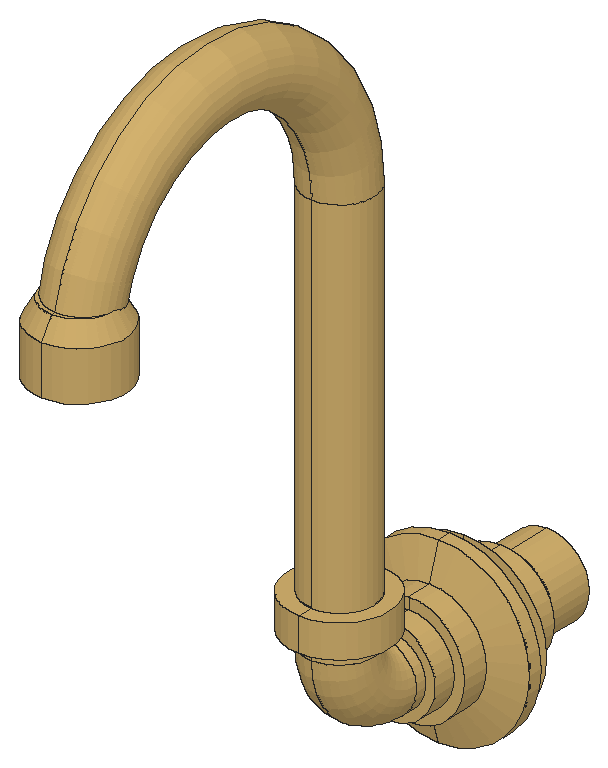
Revit family "QF_FISHER_2038", category Specialty Equipment, Revit 2015
Parameters
  Weight in Pounds = 3
  URL Cutsheet = ""
  Specification by User = ""
  Specification by Manufacturer = ""
  Serial Number = ""
  Seismic Rating = ""
  SMACNA No = ""
  Revision Code = ""
  Plumbing Remarks = ""
  Plumbing Connection Type = ""
  NAFEM Spec ID Number = ""
  Model = "2038"
  Masterspec = ""
  Manufacturer = "FISHER"
  Length = 12"
  Item Number = ""
  Installed By = ""
  Identify Quantity as Lot = yes
  Hot Water Temperature = 140 °F
  Hot Water Size = 1/2"
  Hot Water RI Height = 0"
  Hot Water Minimum Pressure = 0.00 psi
  Hot Water Maximum Pressure = 200.00 psi
  Hot Water Flow = 2.2 GPM
  Hot Water Consumption = 0 GPM
  Hot Water Connection Height = 0"
  Height = 7 1/8"
  Furnished By = ""
  Foodservice Equipment Identifier = yes
  Fixture Finish [instance] = QF_Metal - Brass - Polished
  Description = "FAUCET BBS 06SGN"
  Depth = 1 7/8"
  Cold Water Temperature Recommended = 40 °F
  Cold Water Size = 1/2"
  Cold Water RI Height = 0"
  Cold Water Minimum Pressure = 0.00 psi
  Cold Water Maximum Pressure = 200.00 psi
  Cold Water Flow = 2.2 GPM
  Cold Water Consumption = ""
  Cold Water Connection Height = 0"
  CSI MasterFormat = ""
Reference planes
  plane 1 "BACK": y = 0
  plane 2: z = 0
  plane 3 "LEFT": x = 0
  plane 4 "RIGHT": x = 304.8
  plane 5 "FRONT": y = -47.625
  plane 6 "TOP": z = 180.975
  plane 7 "Center Y": x = 152.4
  plane 8 "Center X": y = -23.812
  plane 9: x = 28.575
  plane 10: x = 276.225
  plane 11: z = 119.062
  plane 12: x = 241.3
  plane 13: y = -112.712
Forms (mm)
  Sweep 1, solid, material "QF_Metal - Brass - Polished" <- "Fixture Finish"
    path origin (152.4, 128.587, -4.807) x (0, -1, 0) y (0, 0, 1)
      loop
        line (152.4, 22.86) -> (152.4, 131.871)
        arc (152.4, 131.871) -> (192.885, 176.144) -> (240.593, 139.77) r 44.45
    profile origin (152.4, -23.812, 72.559) x (0, 1, 0) y (-1, 0, 0)
      loop
        circle (0, 0) r 9.525
  Revolve 2, solid, material "QF_Metal - Brass - Polished" <- "Fixture Finish"
    sketch origin (152.4, 179.388, -28.575) x (0, -1, 0) y (0, 0, 1)
      loop
        line (292.1, 166.687) -> (282.575, 166.687) -> (279.4, 161.188) -> (279.4, 147.637) -> (292.1, 147.637) -> (292.1, 166.687)
      axis (292.1, 166.687) -> (292.1, 147.637)
    angle from 0 to 360
  Revolve 3, solid, material "QF_Metal - Brass - Polished" <- "Fixture Finish"
    sketch origin (152.4, 175.397, 1219.2) x (0, 1, 0) y (0, 0, 1)
      loop
        line (-181.747, -1219.2) -> (-128.313, -1219.2) -> (-128.313, -1207.784) -> (-141.013, -1207.784) -> (-141.013, -1208.862) -> (-144.002, -1208.862) -> (-144.002, -1204.86) -> (-150.352, -1204.86) -> (-150.352, -1208.862) -> (-153.295, -1208.862) -> (-153.295, -1203.885) -> (-156.562, -1196.881) -> (-156.562, -1208.862) -> (-161.447, -1208.862) -> (-161.447, -1194.334) -> (-165.158, -1194.334) -> (-168.249, -1203.848) -> (-175.397, -1203.848) -> (-175.397, -1207.003) -> (-181.747, -1207.003) -> (-181.747, -1219.2)
      axis (-181.747, -1219.2) -> (-128.313, -1219.2)
    angle from 0 to 360
  Revolve 4, solid, material "QF_Metal - Brass - Polished" <- "Fixture Finish"
    sketch origin (152.4, 175.397, 1219.2) x (0, 1, 0) y (0, 0, 1)
      loop
        line (-199.21, -1192.056) -> (-199.21, -1201.147) -> (-185.333, -1201.147) -> (-185.333, -1192.056) -> (-199.21, -1192.056)
      axis (-199.21, -1201.147) -> (-199.21, -1192.056)
    angle from 0 to 360
  Sweep 5, solid, material "QF_Metal - Brass - Polished" <- "Fixture Finish"
    path origin (304.8, 175.397, 1219.2) x (0, 1, 0) y (0, 0, 1)
      loop
        line (-181.747, -1219.2) -> (-184.894, -1219.2)
        arc (-184.894, -1219.2) -> (-195.017, -1215.007) -> (-199.21, -1204.884) r 14.316
        line (-199.21, -1204.884) -> (-199.21, -1192.056)
    profile origin (304.8, -7.923, 0) x (0, 0, -1) y (1, 0, 0)
      loop
        circle (0, -152.4) r 9.525
Lines and regions (mm)
  symbolic lines
    curve 1: line (142.875, -112.712, 0) -> (142.875, -23.812, 0)
    curve 2: line (161.925, -23.812, 0) -> (161.925, -112.712, 0)
    curve 3: arc (142.875, -112.712, 0) -> (152.4, -122.237, 0) -> (161.925, -112.712, 0) r 9.525
    curve 4: arc (142.875, -23.812, 0) -> (152.4, -14.287, 0) -> (161.925, -23.812, 0) r 9.525
    curve 5: arc (161.925, -33.905, 0) -> (152.4, -9.935, 0) -> (142.875, -33.905, 0) r 13.877
    curve 6: arc (161.925, -104.312, 0) -> (152.4, -125.412, 0) -> (142.875, -104.312, 0) r 12.7
    curve 7: line (140.984, 47.084, 0) -> (163.816, 47.084, 0)
    curve 8: line (140.984, 34.384, 0) -> (140.984, 47.084, 0)
    curve 9: line (163.816, 34.384, 0) -> (140.984, 34.384, 0)
    curve 10: line (163.816, 47.084, 0) -> (163.816, 34.384, 0)
    curve 11: line (138.06, 31.396, 0) -> (166.74, 31.396, 0)
    curve 12: line (138.06, 25.046, 0) -> (138.06, 31.396, 0)
    curve 13: line (166.74, 25.046, 0) -> (138.06, 25.046, 0)
    curve 14: line (166.74, 31.396, 0) -> (166.74, 25.046, 0)
    curve 15: line (142.062, 34.384, 0) -> (142.062, 31.396, 0)
    curve 16: line (162.738, 34.384, 0) -> (162.738, 31.396, 0)
    curve 17: line (142.062, 25.046, 0) -> (142.062, 22.102, 0)
    curve 18: line (162.738, 25.046, 0) -> (162.738, 22.102, 0)
    curve 19: line (137.085, 22.102, 0) -> (167.715, 22.102, 0)
    curve 20: line (174.719, 18.836, 0) -> (130.081, 18.836, 0)
    curve 21: line (130.081, 18.836, 0) -> (137.085, 22.102, 0)
    curve 22: line (167.715, 22.102, 0) -> (174.719, 18.836, 0)
    curve 23: line (162.738, 18.836, 0) -> (162.738, 13.95, 0)
    curve 24: line (142.062, 18.836, 0) -> (142.062, 13.95, 0)
    curve 25: line (127.534, 13.95, 0) -> (177.281, 13.95, 0)
    curve 26: line (177.281, 13.95, 0) -> (177.281, 10.262, 0)
    curve 27: line (177.281, 10.262, 0) -> (127.534, 10.262, 0)
    curve 28: line (127.534, 10.262, 0) -> (127.534, 13.95, 0)
    curve 29: line (127.534, 10.262, 0) -> (137.048, 7.148, 0)
    curve 30: line (167.752, 7.148, 0) -> (177.281, 10.262, 0)
    curve 31: line (167.752, 7.148, 0) -> (167.752, 0, 0)
    curve 32: line (167.752, 0, 0) -> (137.048, 0, 0)
    curve 33: line (137.048, 0, 0) -> (137.048, 7.148, 0)
    curve 34: line (137.048, 7.148, 0) -> (167.752, 7.148, 0)
    curve 35: line (140.203, 0, 0) -> (140.203, -6.35, 0)
    curve 36: line (140.203, -6.35, 0) -> (164.597, -6.35, 0)
    curve 37: line (164.597, -6.35, 0) -> (164.597, 0, 0)
    curve 38: line (142.875, -6.35, 0) -> (142.875, -13.72, 0)
    curve 39: line (161.925, -6.35, 0) -> (161.925, -13.72, 0)
Dimensions and locks
  equal spacing: plane 3 "LEFT", plane 7 "Center Y", plane 4 "RIGHT"
  "Length": plane 3 "LEFT" to plane 4 "RIGHT"
  equal spacing: plane 5 "FRONT", plane 8 "Center X", plane 1 "BACK"
  "Depth": plane 5 "FRONT" to plane 1 "BACK"
  "Height": plane 6 "TOP" to level
  plane 11 to level = 4 11/16"
  plane 9 to plane 10 = 9 3/4"
  plane 4 "RIGHT" to plane 3 "LEFT" = 12"
  plane 8 "Center X" to plane 13 = 3 1/2"
  plane 11 to plane 2 = 4 11/16"
  plane 6 "TOP" to plane 2 = 7 1/8"
  aligned and locked: level to plane 2
Automatic sketch dimensions
  curve 3 to curve 6 = 0"  (x2)
  curve 4 to curve 5 = 0"  (x2)
  plane 1 "BACK" to curve 32 = 0"
  curve 1 to plane 8 "Center X" = 0"
  plane 13 to curve 3 = 0"
  curve 3 to plane 7 "Center Y" = 0"
  curve 1 to plane 7 "Center Y" = 3/8"
  curve 9 to plane 7 "Center Y" = 0.44944"
  curve 35 to plane 7 "Center Y" = 0.4802"
  curve 12 to curve 8 = 0.11511"
  curve 21 to curve 12 = 0.03838"
  curve 29 to plane 1 "BACK" = 0.28143"
  curve 29 to curve 35 = 0.12421"
  curve 20 to curve 19 = 0.27577"
  curve 28 to curve 20 = 0.10025"
  plane 7 "Center Y" to curve 10 = 0.44944"
  curve 9 to curve 14 = 0.11511"
  curve 13 to curve 22 = 0.03838"
  curve 37 to curve 31 = 0.12421"
  curve 19 to curve 22 = 0.27577"
  curve 20 to curve 26 = 0.10085"
  curve 36 to curve 35 = 1/4"
  curve 29 to curve 29 = 0.12258"
  curve 26 to curve 26 = 0.14522"
  curve 25 to curve 21 = 0.19234"
  curve 23 to curve 22 = 0.1286"
  curve 19 to curve 14 = 0.11588"
  curve 12 to curve 12 = 1/4"
  curve 15 to curve 8 = 0.11767"
  curve 8 to curve 7 = 1/2"
  curve 35 to curve 38 = 0.1052"
  curve 19 to curve 24 = 0.19594"
  curve 17 to curve 24 = 0"
  curve 8 to curve 15 = 0.04245"
  curve 39 to curve 36 = 0.1052"
  curve 23 to curve 30 = 0.19741"
  curve 16 to curve 9 = 0.04245"
  curve 18 to curve 13 = 0.15756"
  curve 6 to plane 13 = 0.33072"
  curve 5 to plane 8 "Center X" = 0.39733"
  curve 39 to curve 36 = 0.29017"
  profile plane to Sweep 1 sketch curve = 0"
  Sweep 1 sketch curve to profile plane = 0"
  Revolve 2 sketch curve to plane 6 "TOP" = 1.90401"
  Revolve 2 sketch curve to plane 13 = 1/2"
  Revolve 2 sketch curve to plane 6 "TOP" = 1 11/16"
  Revolve 2 sketch curve to Revolve 2 sketch curve = 1/8"
  Revolve 2 sketch curve to Revolve 2 sketch curve = 3/8"
  Revolve 2 sketch curve to Revolve 2 sketch curve = 0.53349"
  Revolve 2 sketch curve to Revolve 2 sketch curve = 0"  (x2)
  Revolve 2 sketch curve to plane 11 = 0.85803"
  Revolve 3 sketch curve to level = 0"  (x2)
  Revolve 3 sketch curve to plane 1 "BACK" = 0"
  plane 1 "BACK" to Revolve 3 sketch curve = 1/4"
  Revolve 3 sketch curve to plane 1 "BACK" = 0.28143"
  Revolve 3 sketch curve to Revolve 3 sketch curve = 0.1217"
  Revolve 3 sketch curve to Revolve 3 sketch curve = 0.1461"
  Revolve 3 sketch curve to Revolve 3 sketch curve = 0.19234"
  Revolve 3 sketch curve to Revolve 3 sketch curve = 0.1286"
  Revolve 3 sketch curve to Revolve 3 sketch curve = 0.11588"
  Revolve 3 sketch curve to Revolve 3 sketch curve = 1/4"
  Revolve 3 sketch curve to Revolve 3 sketch curve = 0.11767"
  Revolve 3 sketch curve to Revolve 3 sketch curve = 1/2"
  level to Revolve 3 sketch curve = 0.407"  (x2)
  Revolve 3 sketch curve to Revolve 3 sketch curve = 0"  (x2)
  Revolve 3 sketch curve to Revolve 3 sketch curve = 0.04245"
  level to Revolve 3 sketch curve = 0.4802"
  Revolve 3 sketch curve to Revolve 3 sketch curve = 0.15756"
  Revolve 3 sketch curve to Revolve 3 sketch curve = 0.03838"
  Revolve 3 sketch curve to Revolve 3 sketch curve = 0.12421"
  Revolve 3 sketch curve to Revolve 3 sketch curve = 0.27577"
  Revolve 3 sketch curve to Revolve 3 sketch curve = 0.10025"
  Revolve 3 sketch curve to Revolve 3 sketch curve = 1.16886"
  Revolve 4 sketch curve to plane 8 "Center X" = 0"  (x2)
  plane 1 "BACK" to Revolve 4 sketch curve = 0.39115"
  level to Revolve 4 sketch curve = 0.71075"
  Revolve 4 sketch curve to Revolve 4 sketch curve = 0.35792"
  Revolve 4 sketch curve to Revolve 4 sketch curve = 0"
  Revolve 4 sketch curve to Revolve 4 sketch curve = 0.45295"
  Sweep 5 sketch curve to plane 8 "Center X" = 0"
  Sweep 5 sketch curve to level = 0"
  plane 1 "BACK" to Sweep 5 sketch curve = 0.37387"
  Sweep 5 sketch curve to Sweep 5 sketch curve = 0.12387"
  Sweep 5 sketch curve to Sweep 5 sketch curve = 0.50504"
  Sweep 5 sketch curve to profile plane = 0"
  Sweep 5 sketch curve to profile plane = 6"
  Sweep 1 sketch curve to plane 8 "Center X" = 0"
  plane 11 to Sweep 1 sketch curve = 0.31503"
  plane 5 "FRONT" to Sweep 1 sketch curve = 13/16"
  Sweep 1 sketch curve to plane 13 = 0.02785"
  level to Sweep 1 sketch curve = 0.71075"
  radius of Sweep 1 sketch curve = 3/8"
  radius of Sweep 5 sketch curve = 3/8"
Connectors
  piping at (152.4, 47.084, 0), diameter 12.7, driven by "Hot Water Size"
    settings: on Revolve 3, index 1, connector inside diameter 24", connector length 0", flow factor 0, pipe flow 0 GPM, pressure drop 0.00 psi, fitting loss kfactor 0, connector angle 0.00°, fixture units 0, engagement length 0", angle of deflection 0.00°, flow configuration 1, flow direction 1, fitting loss method 0, system type 20, joint type 0, gender type 0, connector reference index -1, connector utility 0, adjustable connector no, is connector primary yes, connector description "COLD WATER CONNECTION"
